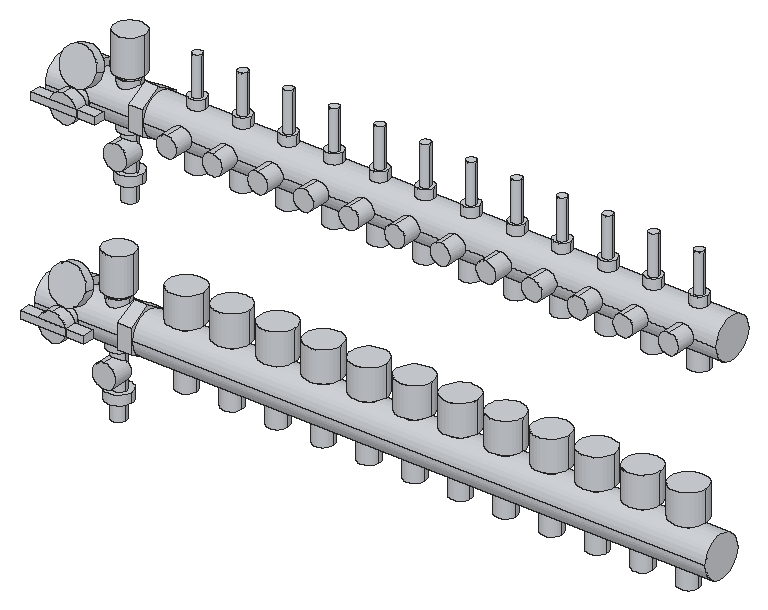
Revit family "318_f16c880827e94962872f661bd91b46", category Pipe Accessories, Revit 2017
Family settings
  Round Connector Dimension = Use Diameter
  Part Type = Valve - Normal
  Work Plane-Based = No
  Always vertical = Yes
  Cut with Voids When Loaded = No
  Shared = No
Parameters (values of type "R553FK112")
  magi_piping_qv_2_9 [instance] = 0.0 L/s
  magi_piping_qv_2_8 [instance] = 0.0 L/s
  magi_piping_qv_2_7 [instance] = 0.0 L/s
  magi_piping_qv_2_6 [instance] = 0.0 L/s
  magi_piping_qv_2_5 [instance] = 0.0 L/s
  magi_piping_qv_2_4 [instance] = 0.0 L/s
  magi_piping_qv_2_3 [instance] = 0.0 L/s
  magi_piping_qv_2_2 [instance] = 0.0 L/s
  magi_piping_qv_2_12 [instance] = 0.0 L/s
  magi_piping_qv_2_11 [instance] = 0.0 L/s
  magi_piping_qv_2_10 [instance] = 0.0 L/s
  magi_piping_qv_2_1 [instance] = 0.0 L/s
  magi_piping_qv_1_9 [instance] = 0.0 L/s
  magi_piping_qv_1_8 [instance] = 0.0 L/s
  magi_piping_qv_1_7 [instance] = 0.0 L/s
  magi_piping_qv_1_6 [instance] = 0.0 L/s
  magi_piping_qv_1_5 [instance] = 0.0 L/s
  magi_piping_qv_1_4 [instance] = 0.0 L/s
  magi_piping_qv_1_3 [instance] = 0.0 L/s
  magi_piping_qv_1_2 [instance] = 0.0 L/s
  magi_piping_qv_1_12 [instance] = 0.0 L/s
  magi_piping_qv_1_11 [instance] = 0.0 L/s
  magi_piping_qv_1_10 [instance] = 0.0 L/s
  magi_piping_qv_1_1 [instance] = 0.0 L/s
  magi_piping_qv [instance] = 0.0 L/s
  magi_piping_power_9 [instance] = 0 W
  magi_piping_power_8 [instance] = 0 W
  magi_piping_power_7 [instance] = 0 W
  magi_piping_power_6 [instance] = 0 W
  magi_piping_power_5 [instance] = 0 W
  magi_piping_power_4 [instance] = 0 W
  magi_piping_power_3 [instance] = 0 W
  magi_piping_power_2 [instance] = 0 W
  magi_piping_power_12 [instance] = 0 W
  magi_piping_power_11 [instance] = 0 W
  magi_piping_power_10 [instance] = 0 W
  magi_piping_power_1 [instance] = 0 W
  magi_piping_kv_9 [instance] = 0
  magi_piping_kv_8 [instance] = 0
  magi_piping_kv_7 [instance] = 0
  magi_piping_kv_6 [instance] = 0
  magi_piping_kv_5 [instance] = 0
  magi_piping_kv_4 [instance] = 0
  magi_piping_kv_3 [instance] = 0
  magi_piping_kv_2 [instance] = 0
  magi_piping_kv_12 [instance] = 0
  magi_piping_kv_11 [instance] = 0
  magi_piping_kv_10 [instance] = 0
  magi_piping_kv_1 [instance] = 0
  magi_piping_dpTot_9 [instance] = 0.0 Pa
  magi_piping_dpTot_8 [instance] = 0.0 Pa
  magi_piping_dpTot_7 [instance] = 0.0 Pa
  magi_piping_dpTot_6 [instance] = 0.0 Pa
  magi_piping_dpTot_5 [instance] = 0.0 Pa
  magi_piping_dpTot_4 [instance] = 0.0 Pa
  magi_piping_dpTot_3 [instance] = 0.0 Pa
  magi_piping_dpTot_2 [instance] = 0.0 Pa
  magi_piping_dpTot_12 [instance] = 0.0 Pa
  magi_piping_dpTot_11 [instance] = 0.0 Pa
  magi_piping_dpTot_10 [instance] = 0.0 Pa
  magi_piping_dpTot_1 [instance] = 0.0 Pa
  magi_adjustmentValue_9 [instance] = ""
  magi_adjustmentValue_8 [instance] = ""
  magi_adjustmentValue_7 [instance] = ""
  magi_adjustmentValue_6 [instance] = ""
  magi_adjustmentValue_5 [instance] = ""
  magi_adjustmentValue_4 [instance] = ""
  magi_adjustmentValue_3 [instance] = ""
  magi_adjustmentValue_2 [instance] = ""
  magi_adjustmentValue_12 [instance] = ""
  magi_adjustmentValue_11 [instance] = ""
  magi_adjustmentValue_10 [instance] = ""
  magi_adjustmentValue_1 [instance] = ""
  magiProductId = "f16c880827e94962872f661bd91b46"
  magiProductFamilyId = "f16c880827e94962872f661bd91b46"
  magiProductCode = "R553FK112"
  magiPartTypeId = 318
  Y = 15 mm
  VersionID = "2.0/2016.10.37.0/GIACOMINI_R553FK_001"
  URL = "http://www.giacomini.com/en"
  SMP = 25 mm
  SBP9 = 18 mm
  SBP8 = 18 mm
  SBP7 = 18 mm
  SBP6 = 18 mm
  SBP5 = 18 mm
  SBP4 = 18 mm
  SBP3 = 18 mm
  SBP2 = 18 mm
  SBP12 = 18 mm
  SBP11 = 18 mm
  SBP10 = 18 mm
  SBP1 = 18 mm
  RMP = 25 mm
  RBP9 = 18 mm
  RBP8 = 18 mm
  RBP7 = 18 mm
  RBP6 = 18 mm
  RBP5 = 18 mm
  RBP4 = 18 mm
  RBP3 = 18 mm
  RBP2 = 18 mm
  RBP12 = 18 mm
  RBP11 = 18 mm
  RBP10 = 18 mm
  RBP1 = 18 mm
  R2 = 22 mm
  QmdConnectorList = "321;SMP;322;SBP1;323;SBP2;324;SBP3;325;SBP4;326;SBP5;327;SBP6;328;SBP7;329;SBP8;330;SBP9;331;SBP10;332;SBP11;333;SBP12;351;RMP;352;RBP1;353;RBP2;354;RBP3;355;RBP4;356;RBP5;357;RBP6;358;RBP7;359;RBP8;360;RBP9;361;RBP10;362;RBP11;363;RBP12"
  Productdata [instance] = "© Progman Oy, all rights reserved"
  N9 = yes
  N8 = yes
  N7 = yes
  N6 = yes
  N5 = yes
  N4 = yes
  N3 = yes
  N12 = yes
  N11 = yes
  N10 = yes
  Manufacturer = "Giacomini"
  MC_Default_elevation = 0 mm
  L = 735 mm
  I = 50 mm
  H5 = 33 mm
  H4 = 5 mm
  H3__ve = -H3  # -40 mm
  H3 = 40 mm
  H2__ve = -H2  # -20 mm
  H2 = 20 mm
  H12 = 42 mm
  H11 = 10 mm
  Flow supply main [instance] = Flow supply 1 + Flow supply 2 + Flow supply 3 + Flow supply 4 + Flow supply 5 + Flow supply 6 + Flow supply 7 + Flow supply 8 + Flow supply 9 + Flow supply 10 + Flow supply 11 + Flow supply 12  # 0.0 L/s
  Flow supply 9 [instance] = 0.0 L/s
  Flow supply 8 [instance] = 0.0 L/s
  Flow supply 7 [instance] = 0.0 L/s
  Flow supply 6 [instance] = 0.0 L/s
  Flow supply 5 [instance] = 0.0 L/s
  Flow supply 4 [instance] = 0.0 L/s
  Flow supply 3 [instance] = 0.0 L/s
  Flow supply 2 [instance] = 0.0 L/s
  Flow supply 12 [instance] = 0.0 L/s
  Flow supply 11 [instance] = 0.0 L/s
  Flow supply 10 [instance] = 0.0 L/s
  Flow supply 1 [instance] = 0.0 L/s
  Flow return main [instance] = Flow return 1 + Flow return 2 + Flow return 3 + Flow return 4 + Flow return 5 + Flow return 6 + Flow return 7 + Flow return 8 + Flow return 9 + Flow return 10 + Flow return 11 + Flow return 12  # 0.0 L/s
  Flow return 9 [instance] = 0.0 L/s
  Flow return 8 [instance] = 0.0 L/s
  Flow return 7 [instance] = 0.0 L/s
  Flow return 6 [instance] = 0.0 L/s
  Flow return 5 [instance] = 0.0 L/s
  Flow return 4 [instance] = 0.0 L/s
  Flow return 3 [instance] = 0.0 L/s
  Flow return 2 [instance] = 0.0 L/s
  Flow return 12 [instance] = 0.0 L/s
  Flow return 11 [instance] = 0.0 L/s
  Flow return 10 [instance] = 0.0 L/s
  Flow return 1 [instance] = 0.0 L/s
  E = 208 mm
  Description = "PREASSEMBLED MANIFOLD KIT WITH FLOW METERS"
  D5 = 38 mm
  D4 = 22 mm
  D32 = 10 mm
  D31 = 18 mm
  D2 = 44 mm
  CAT0 = yes
  A = 149 mm
Reference planes
  plane 1 "Center (Front/Back)": y = 0
  plane 2 "XYPLANE": z = 0
  plane 3 "Center (Left/Right)": x = 0
  plane 4 "INIT_TEMP": y = 100
  plane 5 "414": y = -48
  plane 6 "413": z = -178
  plane 7 "412": y = -30
  plane 8 "411": z = -178
  plane 9 "410": z = -274
  plane 10 "409": z = -254
  plane 11 "408": z = -234
  plane 12 "407": z = -177
  plane 13 "406": z = -182
  plane 14 "405": y = -15
  plane 15 "404": z = 30
  plane 16 "403": y = -33
  plane 17 "402": x = 38
  plane 18 "401": z = 30
  plane 19 "400": z = -66
  plane 20 "399": z = -46
  plane 21 "398": z = -26
  plane 22 "397": z = 31
  plane 23 "396": x = 92
  plane 24 "395": z = 26
  plane 25 "394": x = 75
  plane 26 "393": z = -248
  plane 27 "392": z = -181
  plane 28 "391": z = -186
  plane 29 "390": z = -40
  plane 30 "389": x = 0
  plane 31 "388": y = 0
  plane 32 "387": y = -15
  plane 33 "386": z = -208
  plane 34 "385": z = 0
  plane 35 "384": z = 22
  plane 36 "383": x = 149
  plane 37 "382": x = 199
  plane 38 "381": y = -22
  plane 39 "380": x = 249
  plane 40 "379": z = 32
  plane 41 "378": x = 299
  plane 42 "377": x = 349
  plane 43 "376": x = 399
  plane 44 "375": x = 449
  plane 45 "374": x = 499
  plane 46 "373": x = 549
  plane 47 "372": x = 599
  plane 48 "371": x = 649
  plane 49 "370": x = 699
  plane 50 "1126": through (-712, -15, -178) normal (0, -0.2588, -0.9659)
  plane 51 "1127": through (-712, -30, -178) normal (0, 0.9659, -0.2588)
  plane 52 "1128": through (-712, -15, 30) normal (0, -0.9659, 0.2588)
  plane 53 "1129": through (-712, 0, 30) normal (0, 0.2588, 0.9659)
Forms (mm)
  Extrusion 1, solid
    sketch origin (750, -48, 0) x (-1, 0, 0) y (0, 0, 1)
      loop
        circle (712, -208) r 15
    from 0 to -12
  Extrusion 2, solid
    sketch origin (-712, -15, -178) x (1, 0, 0) y (0, -0.965926, 0.258819)
      loop
        line (746, -15) -> (754, -15) -> (754, 15) -> (746, 15) -> (746, -15)
    from 0 to 18
  Extrusion 3, solid
    sketch origin (750, -15, 0) x (-1, 0, 0) y (0, 0, 1)
      loop
        circle (712, -208) r 9
    from 0 to -33
  Extrusion 4, solid
    sketch origin (750, -48, 0) x (-1, 0, 0) y (0, 0, 1)
      loop
        line (677, -204) -> (677, -212) -> (747, -212) -> (747, -204) -> (677, -204)
    from 0 to -12
  Extrusion 5, solid
    sketch origin (-712, -30, -178) x (1, 0, 0) y (0, -0.258819, -0.965926)
      loop
        circle (750, 0) r 20
    from 0 to -10
  Extrusion 6, solid
    sketch origin (-750, 0, -182) x (1, 0, 0) y (0, 1, 0)
      loop
        circle (825, -15) r 12
    from 0 to -52
  Extrusion 7, solid
    sketch origin (92, -750, 0) x (0, 1, 0) y (0, 0, 1)
      loop
        line (735, -182) -> (712.483, -195) -> (712.483, -221) -> (735, -234) -> (757.517, -221) -> (757.517, -195) -> (735, -182)
    from 0 to 15
  Extrusion 8, solid
    sketch origin (-750, 0, -182) x (1, 0, 0) y (0, 1, 0)
      loop
        circle (825, -15) r 10
    from 0 to 5
  Extrusion 9, solid
    sketch origin (-750, 0, -177) x (1, 0, 0) y (0, 1, 0)
      loop
        circle (825, -15) r 16
    from 0 to 40
  Extrusion 10, solid
    sketch origin (-750, 0, -234) x (1, 0, 0) y (0, 1, 0)
      loop
        circle (825, -15) r 7.5
    from 0 to -70
  Extrusion 11, solid
    sketch origin (750, -15, 0) x (-1, 0, 0) y (0, 0, 1)
      loop
        circle (675, -254) r 13
    from 0 to -20
  Extrusion 12, solid
    sketch origin (-750, 0, -274) x (1, 0, 0) y (0, 1, 0)
      loop
        circle (825, -15) r 14
    from 0 to -10
  Extrusion 13, solid
    sketch origin (-712, -15, 30) x (1, 0, 0) y (0, 0.258819, 0.965926)
      loop
        circle (750, 0) r 20
    from 0 to 10
  Extrusion 14, solid
    sketch origin (750, -33, 0) x (-1, 0, 0) y (0, 0, 1)
      loop
        line (677, 4) -> (677, -4) -> (747, -4) -> (747, 4) -> (677, 4)
    from 0 to -12
  Extrusion 15, solid
    sketch origin (750, 0, 0) x (-1, 0, 0) y (0, 0, 1)
      loop
        circle (712, 0) r 9
    from 0 to -33
  Extrusion 16, solid
    sketch origin (-712, 0, 30) x (1, 0, 0) y (0, 0.965926, -0.258819)
      loop
        line (746, 15) -> (746, -15) -> (754, -15) -> (754, 15) -> (746, 15)
    from 0 to -18
  Extrusion 17, solid
    sketch origin (750, -33, 0) x (-1, 0, 0) y (0, 0, 1)
      loop
        circle (712, 0) r 15
    from 0 to -12
  Extrusion 18, solid
    sketch origin (-750, 0, -66) x (1, 0, 0) y (0, 1, 0)
      loop
        circle (825, 0) r 14
    from 0 to -10
  Extrusion 19, solid
    sketch origin (750, 0, 0) x (-1, 0, 0) y (0, 0, 1)
      loop
        circle (675, -46) r 13
    from 0 to -20
  Extrusion 20, solid
    sketch origin (-750, 0, -26) x (1, 0, 0) y (0, 1, 0)
      loop
        circle (825, 0) r 7.5
    from 0 to -70
  Extrusion 21, solid
    sketch origin (-750, 0, 31) x (1, 0, 0) y (0, 1, 0)
      loop
        circle (825, 0) r 16
    from 0 to 40
  Extrusion 22, solid
    sketch origin (-750, 0, 26) x (1, 0, 0) y (0, 1, 0)
      loop
        circle (825, 0) r 10
    from 0 to 5
  Extrusion 23, solid
    sketch origin (92, -750, 0) x (0, 1, 0) y (0, 0, 1)
      loop
        line (750, 26) -> (727.483, 13) -> (727.483, -13) -> (750, -26) -> (772.517, -13) -> (772.517, 13) -> (750, 26)
    from 0 to 15
  Extrusion 24, solid
    sketch origin (-750, 0, 26) x (1, 0, 0) y (0, 1, 0)
      loop
        circle (825, 0) r 12
    from 0 to -52
  Extrusion 25, solid, visible <- "N10"
    sketch origin (-750, 0, -208) x (1, 0, 0) y (0, 1, 0)
      loop
        circle (1349, -15) r 11
    from 0 to -40 <- "H3__ve"
  Extrusion 26, solid, visible <- "N10"
    sketch origin (-750, 0, -186) x (1, 0, 0) y (0, 1, 0)
      loop
        circle (1349, -15) r 11
    from 0 to 5 <- "H4"
  Extrusion 27, solid, visible <- "N10"
    sketch origin (-750, 0, -181) x (1, 0, 0) y (0, 1, 0)
      loop
        circle (1349, -15) r 19
    from 0 to 33 <- "H5"
  Extrusion 28, solid, visible <- "N12"
    sketch origin (-750, 0, -181) x (1, 0, 0) y (0, 1, 0)
      loop
        circle (1449, -15) r 19
    from 0 to 33 <- "H5"
  Extrusion 29, solid, visible <- "N12"
    sketch origin (-750, 0, -186) x (1, 0, 0) y (0, 1, 0)
      loop
        circle (1449, -15) r 11
    from 0 to 5 <- "H4"
  Extrusion 30, solid, visible <- "N12"
    sketch origin (-750, 0, -208) x (1, 0, 0) y (0, 1, 0)
      loop
        circle (1449, -15) r 11
    from 0 to -40 <- "H3__ve"
  Extrusion 31, solid, visible <- "N11"
    sketch origin (-750, 0, -208) x (1, 0, 0) y (0, 1, 0)
      loop
        circle (1399, -15) r 11
    from 0 to -40 <- "H3__ve"
  Extrusion 32, solid, visible <- "N11"
    sketch origin (-750, 0, -186) x (1, 0, 0) y (0, 1, 0)
      loop
        circle (1399, -15) r 11
    from 0 to 5 <- "H4"
  Extrusion 33, solid, visible <- "N11"
    sketch origin (-750, 0, -181) x (1, 0, 0) y (0, 1, 0)
      loop
        circle (1399, -15) r 19
    from 0 to 33 <- "H5"
  Extrusion 34, solid, visible <- "N8"
    sketch origin (-750, 0, -181) x (1, 0, 0) y (0, 1, 0)
      loop
        circle (1249, -15) r 19
    from 0 to 33 <- "H5"
  Extrusion 35, solid, visible <- "N8"
    sketch origin (-750, 0, -186) x (1, 0, 0) y (0, 1, 0)
      loop
        circle (1249, -15) r 11
    from 0 to 5 <- "H4"
  Extrusion 36, solid, visible <- "N8"
    sketch origin (-750, 0, -208) x (1, 0, 0) y (0, 1, 0)
      loop
        circle (1249, -15) r 11
    from 0 to -40 <- "H3__ve"
  Extrusion 37, solid, visible <- "N9"
    sketch origin (-750, 0, -208) x (1, 0, 0) y (0, 1, 0)
      loop
        circle (1299, -15) r 11
    from 0 to -40 <- "H3__ve"
  Extrusion 38, solid, visible <- "N9"
    sketch origin (-750, 0, -186) x (1, 0, 0) y (0, 1, 0)
      loop
        circle (1299, -15) r 11
    from 0 to 5 <- "H4"
  Extrusion 39, solid, visible <- "N9"
    sketch origin (-750, 0, -181) x (1, 0, 0) y (0, 1, 0)
      loop
        circle (1299, -15) r 19
    from 0 to 33 <- "H5"
  Extrusion 40, solid, visible <- "N7"
    sketch origin (-750, 0, -181) x (1, 0, 0) y (0, 1, 0)
      loop
        circle (1199, -15) r 19
    from 0 to 33 <- "H5"
  Extrusion 41, solid, visible <- "N7"
    sketch origin (-750, 0, -186) x (1, 0, 0) y (0, 1, 0)
      loop
        circle (1199, -15) r 11
    from 0 to 5 <- "H4"
  Extrusion 42, solid, visible <- "N7"
    sketch origin (-750, 0, -208) x (1, 0, 0) y (0, 1, 0)
      loop
        circle (1199, -15) r 11
    from 0 to -40 <- "H3__ve"
  Extrusion 43, solid, visible <- "N6"
    sketch origin (-750, 0, -208) x (1, 0, 0) y (0, 1, 0)
      loop
        circle (1149, -15) r 11
    from 0 to -40 <- "H3__ve"
  Extrusion 44, solid, visible <- "N6"
    sketch origin (-750, 0, -186) x (1, 0, 0) y (0, 1, 0)
      loop
        circle (1149, -15) r 11
    from 0 to 5 <- "H4"
  Extrusion 45, solid, visible <- "N6"
    sketch origin (-750, 0, -181) x (1, 0, 0) y (0, 1, 0)
      loop
        circle (1149, -15) r 19
    from 0 to 33 <- "H5"
  Extrusion 46, solid, visible <- "N5"
    sketch origin (-750, 0, -181) x (1, 0, 0) y (0, 1, 0)
      loop
        circle (1099, -15) r 19
    from 0 to 33 <- "H5"
  Extrusion 47, solid, visible <- "N5"
    sketch origin (-750, 0, -186) x (1, 0, 0) y (0, 1, 0)
      loop
        circle (1099, -15) r 11
    from 0 to 5 <- "H4"
  Extrusion 48, solid, visible <- "N5"
    sketch origin (-750, 0, -208) x (1, 0, 0) y (0, 1, 0)
      loop
        circle (1099, -15) r 11
    from 0 to -40 <- "H3__ve"
  Extrusion 49, solid, visible <- "N4"
    sketch origin (-750, 0, -208) x (1, 0, 0) y (0, 1, 0)
      loop
        circle (1049, -15) r 11
    from 0 to -40 <- "H3__ve"
  Extrusion 50, solid, visible <- "N4"
    sketch origin (-750, 0, -186) x (1, 0, 0) y (0, 1, 0)
      loop
        circle (1049, -15) r 11
    from 0 to 5 <- "H4"
  Extrusion 51, solid, visible <- "N4"
    sketch origin (-750, 0, -181) x (1, 0, 0) y (0, 1, 0)
      loop
        circle (1049, -15) r 19
    from 0 to 33 <- "H5"
  Extrusion 52, solid, visible <- "N3"
    sketch origin (-750, 0, -181) x (1, 0, 0) y (0, 1, 0)
      loop
        circle (999, -15) r 19
    from 0 to 33 <- "H5"
  Extrusion 53, solid, visible <- "N3"
    sketch origin (-750, 0, -186) x (1, 0, 0) y (0, 1, 0)
      loop
        circle (999, -15) r 11
    from 0 to 5 <- "H4"
  Extrusion 54, solid
    sketch origin (-750, 0, -186) x (1, 0, 0) y (0, 1, 0)
      loop
        circle (949, -15) r 11
    from 0 to 5 <- "H4"
  Extrusion 55, solid
    sketch origin (-750, 0, -181) x (1, 0, 0) y (0, 1, 0)
      loop
        circle (949, -15) r 19
    from 0 to 33 <- "H5"
  Extrusion 56, solid
    sketch origin (-750, 0, -181) x (1, 0, 0) y (0, 1, 0)
      loop
        circle (899, -15) r 19
    from 0 to 33 <- "H5"
  Extrusion 57, solid
    sketch origin (-750, 0, -186) x (1, 0, 0) y (0, 1, 0)
      loop
        circle (899, -15) r 11
    from 0 to 5 <- "H4"
  Extrusion 58, solid, visible <- "N3"
    sketch origin (-750, 0, -208) x (1, 0, 0) y (0, 1, 0)
      loop
        circle (999, -15) r 11
    from 0 to -40 <- "H3__ve"
  Extrusion 59, solid
    sketch origin (-750, 0, -208) x (1, 0, 0) y (0, 1, 0)
      loop
        circle (899, -15) r 11
    from 0 to -40 <- "H3__ve"
  Extrusion 60, solid
    sketch origin (-750, 0, -208) x (1, 0, 0) y (0, 1, 0)
      loop
        circle (949, -15) r 11
    from 0 to -40 <- "H3__ve"
  Extrusion 61, solid, visible <- "CAT0"
    sketch origin (0, -750, 0) x (0, 1, 0) y (0, 0, 1)
      loop
        circle (735, -208) r 22
    from 0 to 735 <- "L"
  Extrusion 62, solid, visible <- "N8"
    sketch origin (-750, 0, 0) x (1, 0, 0) y (0, 1, 0)
      loop
        circle (1249, 0) r 11
    from 0 to -40 <- "H3__ve"
  Extrusion 63, solid, visible <- "N9"
    sketch origin (-750, 0, 0) x (1, 0, 0) y (0, 1, 0)
      loop
        circle (1299, 0) r 11
    from 0 to -40 <- "H3__ve"
  Extrusion 64, solid, visible <- "N10"
    sketch origin (-750, 0, 0) x (1, 0, 0) y (0, 1, 0)
      loop
        circle (1349, 0) r 11
    from 0 to -40 <- "H3__ve"
  Extrusion 65, solid, visible <- "N11"
    sketch origin (-750, 0, 0) x (1, 0, 0) y (0, 1, 0)
      loop
        circle (1399, 0) r 11
    from 0 to -40 <- "H3__ve"
  Extrusion 66, solid, visible <- "N12"
    sketch origin (-750, 0, 0) x (1, 0, 0) y (0, 1, 0)
      loop
        circle (1449, 0) r 11
    from 0 to -40 <- "H3__ve"
  Extrusion 67, solid, visible <- "N7"
    sketch origin (-750, 0, 0) x (1, 0, 0) y (0, 1, 0)
      loop
        circle (1199, 0) r 11
    from 0 to -40 <- "H3__ve"
  Extrusion 68, solid, visible <- "N6"
    sketch origin (-750, 0, 0) x (1, 0, 0) y (0, 1, 0)
      loop
        circle (1149, 0) r 11
    from 0 to -40 <- "H3__ve"
  Extrusion 69, solid, visible <- "N5"
    sketch origin (-750, 0, 0) x (1, 0, 0) y (0, 1, 0)
      loop
        circle (1099, 0) r 11
    from 0 to -40 <- "H3__ve"
  Extrusion 70, solid, visible <- "N4"
    sketch origin (-750, 0, 0) x (1, 0, 0) y (0, 1, 0)
      loop
        circle (1049, 0) r 11
    from 0 to -40 <- "H3__ve"
  Extrusion 71, solid, visible <- "N3"
    sketch origin (-750, 0, 0) x (1, 0, 0) y (0, 1, 0)
      loop
        circle (999, 0) r 11
    from 0 to -40 <- "H3__ve"
  Extrusion 72, solid
    sketch origin (-750, 0, 0) x (1, 0, 0) y (0, 1, 0)
      loop
        circle (949, 0) r 11
    from 0 to -40 <- "H3__ve"
  Extrusion 73, solid
    sketch origin (-750, 0, 0) x (1, 0, 0) y (0, 1, 0)
      loop
        circle (899, 0) r 11
    from 0 to -40 <- "H3__ve"
  Extrusion 74, solid, visible <- "CAT0"
    sketch origin (0, -750, 0) x (0, 1, 0) y (0, 0, 1)
      loop
        circle (750, 0) r 22
    from 0 to 735 <- "L"
  Extrusion 75, solid
    sketch origin (-750, 0, 22) x (1, 0, 0) y (0, 1, 0)
      loop
        circle (899, 0) r 9
    from 0 to 10 <- "H11"
  Extrusion 76, solid
    sketch origin (750, -22, 0) x (-1, 0, 0) y (0, 0, 1)
      loop
        circle (601, 0) r 11
    from 0 to -20 <- "H2__ve"
  Extrusion 77, solid
    sketch origin (750, -22, 0) x (-1, 0, 0) y (0, 0, 1)
      loop
        circle (551, 0) r 11
    from 0 to -20 <- "H2__ve"
  Extrusion 78, solid, visible <- "N3"
    sketch origin (750, -22, 0) x (-1, 0, 0) y (0, 0, 1)
      loop
        circle (501, 0) r 11
    from 0 to -20 <- "H2__ve"
  Extrusion 79, solid
    sketch origin (-750, 0, 32) x (1, 0, 0) y (0, 1, 0)
      loop
        circle (899, 0) r 5
    from 0 to 42 <- "H12"
  Extrusion 80, solid
    sketch origin (-750, 0, 32) x (1, 0, 0) y (0, 1, 0)
      loop
        circle (949, 0) r 5
    from 0 to 42 <- "H12"
  Extrusion 81, solid
    sketch origin (-750, 0, 22) x (1, 0, 0) y (0, 1, 0)
      loop
        circle (949, 0) r 9
    from 0 to 10 <- "H11"
  Extrusion 82, solid, visible <- "N3"
    sketch origin (-750, 0, 22) x (1, 0, 0) y (0, 1, 0)
      loop
        circle (999, 0) r 9
    from 0 to 10 <- "H11"
  Extrusion 83, solid, visible <- "N3"
    sketch origin (-750, 0, 32) x (1, 0, 0) y (0, 1, 0)
      loop
        circle (999, 0) r 5
    from 0 to 42 <- "H12"
  Extrusion 84, solid, visible <- "N4"
    sketch origin (-750, 0, 32) x (1, 0, 0) y (0, 1, 0)
      loop
        circle (1049, 0) r 5
    from 0 to 42 <- "H12"
  Extrusion 85, solid, visible <- "N4"
    sketch origin (-750, 0, 22) x (1, 0, 0) y (0, 1, 0)
      loop
        circle (1049, 0) r 9
    from 0 to 10 <- "H11"
  Extrusion 86, solid, visible <- "N4"
    sketch origin (750, -22, 0) x (-1, 0, 0) y (0, 0, 1)
      loop
        circle (451, 0) r 11
    from 0 to -20 <- "H2__ve"
  Extrusion 87, solid, visible <- "N5"
    sketch origin (750, -22, 0) x (-1, 0, 0) y (0, 0, 1)
      loop
        circle (401, 0) r 11
    from 0 to -20 <- "H2__ve"
  Extrusion 88, solid, visible <- "N5"
    sketch origin (-750, 0, 22) x (1, 0, 0) y (0, 1, 0)
      loop
        circle (1099, 0) r 9
    from 0 to 10 <- "H11"
  Extrusion 89, solid, visible <- "N5"
    sketch origin (-750, 0, 32) x (1, 0, 0) y (0, 1, 0)
      loop
        circle (1099, 0) r 5
    from 0 to 42 <- "H12"
  Extrusion 90, solid, visible <- "N6"
    sketch origin (-750, 0, 32) x (1, 0, 0) y (0, 1, 0)
      loop
        circle (1149, 0) r 5
    from 0 to 42 <- "H12"
  Extrusion 91, solid, visible <- "N6"
    sketch origin (-750, 0, 22) x (1, 0, 0) y (0, 1, 0)
      loop
        circle (1149, 0) r 9
    from 0 to 10 <- "H11"
  Extrusion 92, solid, visible <- "N6"
    sketch origin (750, -22, 0) x (-1, 0, 0) y (0, 0, 1)
      loop
        circle (351, 0) r 11
    from 0 to -20 <- "H2__ve"
  Extrusion 93, solid, visible <- "N7"
    sketch origin (750, -22, 0) x (-1, 0, 0) y (0, 0, 1)
      loop
        circle (301, 0) r 11
    from 0 to -20 <- "H2__ve"
  Extrusion 94, solid, visible <- "N7"
    sketch origin (-750, 0, 22) x (1, 0, 0) y (0, 1, 0)
      loop
        circle (1199, 0) r 9
    from 0 to 10 <- "H11"
  Extrusion 95, solid, visible <- "N7"
    sketch origin (-750, 0, 32) x (1, 0, 0) y (0, 1, 0)
      loop
        circle (1199, 0) r 5
    from 0 to 42 <- "H12"
  Extrusion 96, solid, visible <- "N8"
    sketch origin (-750, 0, 32) x (1, 0, 0) y (0, 1, 0)
      loop
        circle (1249, 0) r 5
    from 0 to 42 <- "H12"
  Extrusion 97, solid, visible <- "N8"
    sketch origin (-750, 0, 22) x (1, 0, 0) y (0, 1, 0)
      loop
        circle (1249, 0) r 9
    from 0 to 10 <- "H11"
  Extrusion 98, solid, visible <- "N8"
    sketch origin (750, -22, 0) x (-1, 0, 0) y (0, 0, 1)
      loop
        circle (251, 0) r 11
    from 0 to -20 <- "H2__ve"
  Extrusion 99, solid, visible <- "N10"
    sketch origin (750, -22, 0) x (-1, 0, 0) y (0, 0, 1)
      loop
        circle (151, 0) r 11
    from 0 to -20 <- "H2__ve"
  Extrusion 100, solid, visible <- "N10"
    sketch origin (-750, 0, 22) x (1, 0, 0) y (0, 1, 0)
      loop
        circle (1349, 0) r 9
    from 0 to 10 <- "H11"
  Extrusion 101, solid, visible <- "N10"
    sketch origin (-750, 0, 32) x (1, 0, 0) y (0, 1, 0)
      loop
        circle (1349, 0) r 5
    from 0 to 42 <- "H12"
  Extrusion 102, solid, visible <- "N9"
    sketch origin (-750, 0, 32) x (1, 0, 0) y (0, 1, 0)
      loop
        circle (1299, 0) r 5
    from 0 to 42 <- "H12"
  Extrusion 103, solid, visible <- "N9"
    sketch origin (-750, 0, 22) x (1, 0, 0) y (0, 1, 0)
      loop
        circle (1299, 0) r 9
    from 0 to 10 <- "H11"
  Extrusion 104, solid, visible <- "N9"
    sketch origin (750, -22, 0) x (-1, 0, 0) y (0, 0, 1)
      loop
        circle (201, 0) r 11
    from 0 to -20 <- "H2__ve"
  Extrusion 105, solid, visible <- "N11"
    sketch origin (-750, 0, 32) x (1, 0, 0) y (0, 1, 0)
      loop
        circle (1399, 0) r 5
    from 0 to 42 <- "H12"
  Extrusion 106, solid, visible <- "N11"
    sketch origin (-750, 0, 22) x (1, 0, 0) y (0, 1, 0)
      loop
        circle (1399, 0) r 9
    from 0 to 10 <- "H11"
  Extrusion 107, solid, visible <- "N11"
    sketch origin (750, -22, 0) x (-1, 0, 0) y (0, 0, 1)
      loop
        circle (101, 0) r 11
    from 0 to -20 <- "H2__ve"
  Extrusion 108, solid, visible <- "N12"
    sketch origin (750, -22, 0) x (-1, 0, 0) y (0, 0, 1)
      loop
        circle (51, 0) r 11
    from 0 to -20 <- "H2__ve"
  Extrusion 109, solid, visible <- "N12"
    sketch origin (-750, 0, 22) x (1, 0, 0) y (0, 1, 0)
      loop
        circle (1449, 0) r 9
    from 0 to 10 <- "H11"
  Extrusion 110, solid, visible <- "N12"
    sketch origin (-750, 0, 32) x (1, 0, 0) y (0, 1, 0)
      loop
        circle (1449, 0) r 5
    from 0 to 42 <- "H12"
  Extrusion 111, solid, not visible
    sketch origin (-750, 0, -248) x (1, 0, 0) y (0, 1, 0)
      loop
        circle (1349, -15) r 10
    from 0 to 10
  Extrusion 112, solid, not visible
    sketch origin (-750, 0, -248) x (1, 0, 0) y (0, 1, 0)
      loop
        circle (1449, -15) r 10
    from 0 to 10
  Extrusion 113, solid, not visible
    sketch origin (-750, 0, -248) x (1, 0, 0) y (0, 1, 0)
      loop
        circle (1399, -15) r 10
    from 0 to 10
  Extrusion 114, solid, not visible
    sketch origin (-750, 0, -248) x (1, 0, 0) y (0, 1, 0)
      loop
        circle (1249, -15) r 10
    from 0 to 10
  Extrusion 115, solid, not visible
    sketch origin (-750, 0, -248) x (1, 0, 0) y (0, 1, 0)
      loop
        circle (1299, -15) r 10
    from 0 to 10
  Extrusion 116, solid, not visible
    sketch origin (-750, 0, -248) x (1, 0, 0) y (0, 1, 0)
      loop
        circle (1199, -15) r 10
    from 0 to 10
  Extrusion 117, solid, not visible
    sketch origin (-750, 0, -248) x (1, 0, 0) y (0, 1, 0)
      loop
        circle (1149, -15) r 10
    from 0 to 10
  Extrusion 118, solid, not visible
    sketch origin (-750, 0, -248) x (1, 0, 0) y (0, 1, 0)
      loop
        circle (1099, -15) r 10
    from 0 to 10
  Extrusion 119, solid, not visible
    sketch origin (-750, 0, -248) x (1, 0, 0) y (0, 1, 0)
      loop
        circle (1049, -15) r 10
    from 0 to 10
  Extrusion 120, solid, not visible
    sketch origin (-750, 0, -248) x (1, 0, 0) y (0, 1, 0)
      loop
        circle (949, -15) r 10
    from 0 to 10
  Extrusion 121, solid, not visible
    sketch origin (-750, 0, -248) x (1, 0, 0) y (0, 1, 0)
      loop
        circle (899, -15) r 10
    from 0 to 10
  Extrusion 122, solid, not visible
    sketch origin (-750, 0, -248) x (1, 0, 0) y (0, 1, 0)
      loop
        circle (999, -15) r 10
    from 0 to 10
  Extrusion 123, solid, not visible
    sketch origin (-750, 0, -40) x (1, 0, 0) y (0, 1, 0)
      loop
        circle (1249, 0) r 10
    from 0 to 10
  Extrusion 124, solid, not visible
    sketch origin (-750, 0, -40) x (1, 0, 0) y (0, 1, 0)
      loop
        circle (1299, 0) r 10
    from 0 to 10
  Extrusion 125, solid, not visible
    sketch origin (-750, 0, -40) x (1, 0, 0) y (0, 1, 0)
      loop
        circle (1349, 0) r 10
    from 0 to 10
  Extrusion 126, solid, not visible
    sketch origin (-750, 0, -40) x (1, 0, 0) y (0, 1, 0)
      loop
        circle (1399, 0) r 10
    from 0 to 10
  Extrusion 127, solid, not visible
    sketch origin (-750, 0, -40) x (1, 0, 0) y (0, 1, 0)
      loop
        circle (1449, 0) r 10
    from 0 to 10
  Extrusion 128, solid, not visible
    sketch origin (-750, 0, -40) x (1, 0, 0) y (0, 1, 0)
      loop
        circle (1199, 0) r 10
    from 0 to 10
  Extrusion 129, solid, not visible
    sketch origin (-750, 0, -40) x (1, 0, 0) y (0, 1, 0)
      loop
        circle (1149, 0) r 10
    from 0 to 10
  Extrusion 130, solid, not visible
    sketch origin (-750, 0, -40) x (1, 0, 0) y (0, 1, 0)
      loop
        circle (1099, 0) r 10
    from 0 to 10
  Extrusion 131, solid, not visible
    sketch origin (-750, 0, -40) x (1, 0, 0) y (0, 1, 0)
      loop
        circle (1049, 0) r 10
    from 0 to 10
  Extrusion 132, solid, not visible
    sketch origin (-750, 0, -40) x (1, 0, 0) y (0, 1, 0)
      loop
        circle (999, 0) r 10
    from 0 to 10
  Extrusion 133, solid, not visible
    sketch origin (0, -750, 0) x (0, 1, 0) y (0, 0, 1)
      loop
        circle (750, 0) r 10
    from 0 to 10
  Extrusion 134, solid, not visible
    sketch origin (0, -750, 0) x (0, 1, 0) y (0, 0, 1)
      loop
        circle (735, -208) r 10
    from 0 to 10
  Extrusion 135, solid, not visible
    sketch origin (-750, 0, -40) x (1, 0, 0) y (0, 1, 0)
      loop
        circle (899, 0) r 10
    from 0 to 10
  Extrusion 136, solid, not visible
    sketch origin (-750, 0, -40) x (1, 0, 0) y (0, 1, 0)
      loop
        circle (949, 0) r 10
    from 0 to 10
Text (mm)
  text "© Progman Oy, all rights reserved" at (-472.209, -2482.653, 0), in view "Ref. Level"
Dimensions and locks
  plane 4 "INIT_TEMP" to plane 1 "Center (Front/Back)" = 100 mm
  locked: plane 32 "387" to plane 5 "414" at 33
  locked: plane 33 "386" to plane 6 "413" at 30
  locked: plane 32 "387" to plane 7 "412" at 15
  locked: plane 33 "386" to plane 8 "411" at 30
  locked: plane 11 "408" to plane 9 "410" at 40
  locked: plane 11 "408" to plane 10 "409" at 20
  locked: plane 13 "406" to plane 11 "408" at 52
  locked: plane 13 "406" to plane 12 "407" at 5
  locked: plane 33 "386" to plane 13 "406" at 26
  locked: plane 1 "Center (Front/Back)" to plane 14 "405" at 15
  locked: plane 2 "XYPLANE" to plane 15 "404" at 30
  locked: plane 1 "Center (Front/Back)" to plane 16 "403" at 33
  locked: plane 3 "Center (Left/Right)" to plane 17 "402" at 38
  locked: plane 2 "XYPLANE" to plane 18 "401" at 30
  locked: plane 21 "398" to plane 19 "400" at 40
  locked: plane 21 "398" to plane 20 "399" at 20
  locked: plane 24 "395" to plane 21 "398" at 52
  locked: plane 24 "395" to plane 22 "397" at 5
  locked: plane 25 "394" to plane 23 "396" at 17
  locked: plane 2 "XYPLANE" to plane 24 "395" at 26
  locked: plane 3 "Center (Left/Right)" to plane 25 "394" at 75
  "H3": plane 33 "386" to plane 26 "393"
  "H4": plane 28 "391" to plane 27 "392"
  "R2": plane 33 "386" to plane 28 "391"
  "H3": plane 2 "XYPLANE" to plane 29 "390"
  locked: plane 3 "Center (Left/Right)" to plane 30 "389"
  locked: plane 1 "Center (Front/Back)" to plane 31 "388"
  "Y": plane 1 "Center (Front/Back)" to plane 32 "387"
  "E": plane 2 "XYPLANE" to plane 33 "386"
  locked: plane 2 "XYPLANE" to plane 34 "385"
  "R2": plane 2 "XYPLANE" to plane 35 "384"
  "A": plane 3 "Center (Left/Right)" to plane 36 "383"
  "I": plane 36 "383" to plane 37 "382"
  "R2": plane 1 "Center (Front/Back)" to plane 38 "381"
  "I": plane 37 "382" to plane 39 "380"
  "H11": plane 35 "384" to plane 40 "379"
  "I": plane 39 "380" to plane 41 "378"
  "I": plane 41 "378" to plane 42 "377"
  "I": plane 42 "377" to plane 43 "376"
  "I": plane 43 "376" to plane 44 "375"
  "I": plane 44 "375" to plane 45 "374"
  "I": plane 45 "374" to plane 46 "373"
  "I": plane 46 "373" to plane 47 "372"
  "I": plane 47 "372" to plane 48 "371"
  "I": plane 48 "371" to plane 49 "370"
  "D4": diameter of Extrusion 25 sketch curve
  "D4": diameter of Extrusion 26 sketch curve
  "D5": diameter of Extrusion 27 sketch curve
  "D5": diameter of Extrusion 28 sketch curve
  "D4": diameter of Extrusion 29 sketch curve
  "D4": diameter of Extrusion 30 sketch curve
  "D4": diameter of Extrusion 31 sketch curve
  "D4": diameter of Extrusion 32 sketch curve
  "D5": diameter of Extrusion 33 sketch curve
  "D5": diameter of Extrusion 34 sketch curve
  "D4": diameter of Extrusion 35 sketch curve
  "D4": diameter of Extrusion 36 sketch curve
  "D4": diameter of Extrusion 37 sketch curve
  "D4": diameter of Extrusion 38 sketch curve
  "D5": diameter of Extrusion 39 sketch curve
  "D5": diameter of Extrusion 40 sketch curve
  "D4": diameter of Extrusion 41 sketch curve
  "D4": diameter of Extrusion 42 sketch curve
  "D4": diameter of Extrusion 43 sketch curve
  "D4": diameter of Extrusion 44 sketch curve
  "D5": diameter of Extrusion 45 sketch curve
  "D5": diameter of Extrusion 46 sketch curve
  "D4": diameter of Extrusion 47 sketch curve
  "D4": diameter of Extrusion 48 sketch curve
  "D4": diameter of Extrusion 49 sketch curve
  "D4": diameter of Extrusion 50 sketch curve
  "D5": diameter of Extrusion 51 sketch curve
  "D5": diameter of Extrusion 52 sketch curve
  "D4": diameter of Extrusion 53 sketch curve
  "D4": diameter of Extrusion 54 sketch curve
  "D5": diameter of Extrusion 55 sketch curve
  "D5": diameter of Extrusion 56 sketch curve
  "D4": diameter of Extrusion 57 sketch curve
  "D4": diameter of Extrusion 58 sketch curve
  "D4": diameter of Extrusion 59 sketch curve
  "D4": diameter of Extrusion 60 sketch curve
  "D2": diameter of Extrusion 61 sketch curve
  "D4": diameter of Extrusion 62 sketch curve
  "D4": diameter of Extrusion 63 sketch curve
  "D4": diameter of Extrusion 64 sketch curve
  "D4": diameter of Extrusion 65 sketch curve
  "D4": diameter of Extrusion 66 sketch curve
  "D4": diameter of Extrusion 67 sketch curve
  "D4": diameter of Extrusion 68 sketch curve
  "D4": diameter of Extrusion 69 sketch curve
  "D4": diameter of Extrusion 70 sketch curve
  "D4": diameter of Extrusion 71 sketch curve
  "D4": diameter of Extrusion 72 sketch curve
  "D4": diameter of Extrusion 73 sketch curve
  "D2": diameter of Extrusion 74 sketch curve
  "D31": diameter of Extrusion 75 sketch curve
  "D4": diameter of Extrusion 76 sketch curve
  "D4": diameter of Extrusion 77 sketch curve
  "D4": diameter of Extrusion 78 sketch curve
  "D32": diameter of Extrusion 79 sketch curve
  "D32": diameter of Extrusion 80 sketch curve
  "D31": diameter of Extrusion 81 sketch curve
  "D31": diameter of Extrusion 82 sketch curve
  "D32": diameter of Extrusion 83 sketch curve
  "D32": diameter of Extrusion 84 sketch curve
  "D31": diameter of Extrusion 85 sketch curve
  "D4": diameter of Extrusion 86 sketch curve
  "D4": diameter of Extrusion 87 sketch curve
  "D31": diameter of Extrusion 88 sketch curve
  "D32": diameter of Extrusion 89 sketch curve
  "D32": diameter of Extrusion 90 sketch curve
  "D31": diameter of Extrusion 91 sketch curve
  "D4": diameter of Extrusion 92 sketch curve
  "D4": diameter of Extrusion 93 sketch curve
  "D31": diameter of Extrusion 94 sketch curve
  "D32": diameter of Extrusion 95 sketch curve
  "D32": diameter of Extrusion 96 sketch curve
  "D31": diameter of Extrusion 97 sketch curve
  "D4": diameter of Extrusion 98 sketch curve
  "D4": diameter of Extrusion 99 sketch curve
  "D31": diameter of Extrusion 100 sketch curve
  "D32": diameter of Extrusion 101 sketch curve
  "D32": diameter of Extrusion 102 sketch curve
  "D31": diameter of Extrusion 103 sketch curve
  "D4": diameter of Extrusion 104 sketch curve
  "D32": diameter of Extrusion 105 sketch curve
  "D31": diameter of Extrusion 106 sketch curve
  "D4": diameter of Extrusion 107 sketch curve
  "D4": diameter of Extrusion 108 sketch curve
  "D31": diameter of Extrusion 109 sketch curve
  "D32": diameter of Extrusion 110 sketch curve
  aligned and locked: level to plane 2 "XYPLANE"
  aligned and locked: plane 17 "402" to Extrusion 1 sketch curve
  aligned and locked: plane 33 "386" to Extrusion 1 sketch curve
  aligned and locked: plane 17 "402" to Extrusion 3 sketch curve
  aligned and locked: plane 33 "386" to Extrusion 3 sketch curve
  aligned and locked: plane 17 "402" to Extrusion 5 sketch curve
  aligned and locked: plane 25 "394" to Extrusion 6 sketch curve
  aligned and locked: plane 32 "387" to Extrusion 6 sketch curve
  aligned and locked: plane 25 "394" to Extrusion 8 sketch curve
  aligned and locked: plane 32 "387" to Extrusion 8 sketch curve
  aligned and locked: plane 25 "394" to Extrusion 9 sketch curve
  aligned and locked: plane 32 "387" to Extrusion 9 sketch curve
  aligned and locked: plane 25 "394" to Extrusion 10 sketch curve
  aligned and locked: plane 32 "387" to Extrusion 10 sketch curve
  aligned and locked: plane 10 "409" to Extrusion 11 sketch curve
  aligned and locked: plane 25 "394" to Extrusion 11 sketch curve
  aligned and locked: plane 25 "394" to Extrusion 12 sketch curve
  aligned and locked: plane 32 "387" to Extrusion 12 sketch curve
  aligned and locked: plane 17 "402" to Extrusion 13 sketch curve
  aligned and locked: plane 17 "402" to Extrusion 15 sketch curve
  aligned and locked: plane 34 "385" to Extrusion 15 sketch curve
  aligned and locked: plane 17 "402" to Extrusion 17 sketch curve
  aligned and locked: plane 34 "385" to Extrusion 17 sketch curve
  aligned and locked: plane 25 "394" to Extrusion 18 sketch curve
  aligned and locked: plane 31 "388" to Extrusion 18 sketch curve
  aligned and locked: plane 20 "399" to Extrusion 19 sketch curve
  aligned and locked: plane 25 "394" to Extrusion 19 sketch curve
  aligned and locked: plane 25 "394" to Extrusion 20 sketch curve
  aligned and locked: plane 31 "388" to Extrusion 20 sketch curve
  aligned and locked: plane 25 "394" to Extrusion 21 sketch curve
  aligned and locked: plane 31 "388" to Extrusion 21 sketch curve
  aligned and locked: plane 25 "394" to Extrusion 22 sketch curve
  aligned and locked: plane 31 "388" to Extrusion 22 sketch curve
  aligned and locked: plane 25 "394" to Extrusion 24 sketch curve
  aligned and locked: plane 31 "388" to Extrusion 24 sketch curve
  aligned and locked: plane 32 "387" to Extrusion 25 sketch curve
  aligned and locked: plane 47 "372" to Extrusion 25 sketch curve
  aligned and locked: plane 32 "387" to Extrusion 26 sketch curve
  aligned and locked: plane 47 "372" to Extrusion 26 sketch curve
  aligned and locked: plane 32 "387" to Extrusion 27 sketch curve
  aligned and locked: plane 47 "372" to Extrusion 27 sketch curve
  aligned and locked: plane 32 "387" to Extrusion 28 sketch curve
  aligned and locked: plane 49 "370" to Extrusion 28 sketch curve
  aligned and locked: plane 32 "387" to Extrusion 29 sketch curve
  aligned and locked: plane 49 "370" to Extrusion 29 sketch curve
  aligned and locked: plane 32 "387" to Extrusion 30 sketch curve
  aligned and locked: plane 49 "370" to Extrusion 30 sketch curve
  aligned and locked: plane 32 "387" to Extrusion 31 sketch curve
  aligned and locked: plane 48 "371" to Extrusion 31 sketch curve
  aligned and locked: plane 32 "387" to Extrusion 32 sketch curve
  aligned and locked: plane 48 "371" to Extrusion 32 sketch curve
  aligned and locked: plane 32 "387" to Extrusion 33 sketch curve
  aligned and locked: plane 48 "371" to Extrusion 33 sketch curve
  aligned and locked: plane 32 "387" to Extrusion 34 sketch curve
  aligned and locked: plane 45 "374" to Extrusion 34 sketch curve
  aligned and locked: plane 32 "387" to Extrusion 35 sketch curve
  aligned and locked: plane 45 "374" to Extrusion 35 sketch curve
  aligned and locked: plane 32 "387" to Extrusion 36 sketch curve
  aligned and locked: plane 45 "374" to Extrusion 36 sketch curve
  aligned and locked: plane 32 "387" to Extrusion 37 sketch curve
  aligned and locked: plane 46 "373" to Extrusion 37 sketch curve
  aligned and locked: plane 32 "387" to Extrusion 38 sketch curve
  aligned and locked: plane 46 "373" to Extrusion 38 sketch curve
  aligned and locked: plane 32 "387" to Extrusion 39 sketch curve
  aligned and locked: plane 46 "373" to Extrusion 39 sketch curve
  aligned and locked: plane 32 "387" to Extrusion 40 sketch curve
  aligned and locked: plane 44 "375" to Extrusion 40 sketch curve
  aligned and locked: plane 32 "387" to Extrusion 41 sketch curve
  aligned and locked: plane 44 "375" to Extrusion 41 sketch curve
  aligned and locked: plane 32 "387" to Extrusion 42 sketch curve
  aligned and locked: plane 44 "375" to Extrusion 42 sketch curve
  aligned and locked: plane 32 "387" to Extrusion 43 sketch curve
  aligned and locked: plane 43 "376" to Extrusion 43 sketch curve
  aligned and locked: plane 32 "387" to Extrusion 44 sketch curve
  aligned and locked: plane 43 "376" to Extrusion 44 sketch curve
  aligned and locked: plane 32 "387" to Extrusion 45 sketch curve
  aligned and locked: plane 43 "376" to Extrusion 45 sketch curve
  aligned and locked: plane 32 "387" to Extrusion 46 sketch curve
  aligned and locked: plane 42 "377" to Extrusion 46 sketch curve
  aligned and locked: plane 32 "387" to Extrusion 47 sketch curve
  aligned and locked: plane 42 "377" to Extrusion 47 sketch curve
  aligned and locked: plane 32 "387" to Extrusion 48 sketch curve
  aligned and locked: plane 42 "377" to Extrusion 48 sketch curve
  aligned and locked: plane 32 "387" to Extrusion 49 sketch curve
  aligned and locked: plane 41 "378" to Extrusion 49 sketch curve
  aligned and locked: plane 32 "387" to Extrusion 50 sketch curve
  aligned and locked: plane 41 "378" to Extrusion 50 sketch curve
  aligned and locked: plane 32 "387" to Extrusion 51 sketch curve
  aligned and locked: plane 41 "378" to Extrusion 51 sketch curve
  aligned and locked: plane 32 "387" to Extrusion 52 sketch curve
  aligned and locked: plane 39 "380" to Extrusion 52 sketch curve
  aligned and locked: plane 32 "387" to Extrusion 53 sketch curve
  aligned and locked: plane 39 "380" to Extrusion 53 sketch curve
  aligned and locked: plane 32 "387" to Extrusion 54 sketch curve
  aligned and locked: plane 37 "382" to Extrusion 54 sketch curve
  aligned and locked: plane 32 "387" to Extrusion 55 sketch curve
  aligned and locked: plane 37 "382" to Extrusion 55 sketch curve
  aligned and locked: plane 32 "387" to Extrusion 56 sketch curve
  aligned and locked: plane 36 "383" to Extrusion 56 sketch curve
  aligned and locked: plane 32 "387" to Extrusion 57 sketch curve
  aligned and locked: plane 36 "383" to Extrusion 57 sketch curve
  aligned and locked: plane 32 "387" to Extrusion 58 sketch curve
  aligned and locked: plane 39 "380" to Extrusion 58 sketch curve
  aligned and locked: plane 32 "387" to Extrusion 59 sketch curve
  aligned and locked: plane 36 "383" to Extrusion 59 sketch curve
  aligned and locked: plane 32 "387" to Extrusion 60 sketch curve
  aligned and locked: plane 37 "382" to Extrusion 60 sketch curve
  aligned and locked: Extrusion 61 sketch curve to plane 32 "387"
  aligned and locked: plane 33 "386" to Extrusion 61 sketch curve
  aligned and locked: plane 31 "388" to Extrusion 62 sketch curve
  aligned and locked: plane 45 "374" to Extrusion 62 sketch curve
  aligned and locked: plane 31 "388" to Extrusion 63 sketch curve
  aligned and locked: plane 46 "373" to Extrusion 63 sketch curve
  aligned and locked: plane 31 "388" to Extrusion 64 sketch curve
  aligned and locked: plane 47 "372" to Extrusion 64 sketch curve
  aligned and locked: plane 31 "388" to Extrusion 65 sketch curve
  aligned and locked: plane 48 "371" to Extrusion 65 sketch curve
  aligned and locked: plane 31 "388" to Extrusion 66 sketch curve
  aligned and locked: plane 49 "370" to Extrusion 66 sketch curve
  aligned and locked: plane 31 "388" to Extrusion 67 sketch curve
  aligned and locked: plane 44 "375" to Extrusion 67 sketch curve
  aligned and locked: plane 31 "388" to Extrusion 68 sketch curve
  aligned and locked: plane 43 "376" to Extrusion 68 sketch curve
  aligned and locked: plane 31 "388" to Extrusion 69 sketch curve
  aligned and locked: plane 42 "377" to Extrusion 69 sketch curve
  aligned and locked: plane 31 "388" to Extrusion 70 sketch curve
  aligned and locked: plane 41 "378" to Extrusion 70 sketch curve
  aligned and locked: plane 31 "388" to Extrusion 71 sketch curve
  aligned and locked: plane 39 "380" to Extrusion 71 sketch curve
  aligned and locked: plane 31 "388" to Extrusion 72 sketch curve
  aligned and locked: plane 37 "382" to Extrusion 72 sketch curve
  aligned and locked: plane 31 "388" to Extrusion 73 sketch curve
  aligned and locked: plane 36 "383" to Extrusion 73 sketch curve
  aligned and locked: Extrusion 74 sketch curve to plane 31 "388"
  aligned and locked: plane 34 "385" to Extrusion 74 sketch curve
  aligned and locked: plane 31 "388" to Extrusion 75 sketch curve
  aligned and locked: plane 36 "383" to Extrusion 75 sketch curve
  aligned and locked: plane 34 "385" to Extrusion 76 sketch curve
  aligned and locked: plane 36 "383" to Extrusion 76 sketch curve
  aligned and locked: plane 34 "385" to Extrusion 77 sketch curve
  aligned and locked: plane 37 "382" to Extrusion 77 sketch curve
  aligned and locked: plane 34 "385" to Extrusion 78 sketch curve
  aligned and locked: plane 39 "380" to Extrusion 78 sketch curve
  aligned and locked: plane 31 "388" to Extrusion 79 sketch curve
  aligned and locked: plane 36 "383" to Extrusion 79 sketch curve
  aligned and locked: plane 31 "388" to Extrusion 80 sketch curve
  aligned and locked: plane 37 "382" to Extrusion 80 sketch curve
  aligned and locked: plane 31 "388" to Extrusion 81 sketch curve
  aligned and locked: plane 37 "382" to Extrusion 81 sketch curve
  aligned and locked: plane 31 "388" to Extrusion 82 sketch curve
  aligned and locked: plane 39 "380" to Extrusion 82 sketch curve
  aligned and locked: plane 31 "388" to Extrusion 83 sketch curve
  aligned and locked: plane 39 "380" to Extrusion 83 sketch curve
  aligned and locked: plane 31 "388" to Extrusion 84 sketch curve
  aligned and locked: plane 41 "378" to Extrusion 84 sketch curve
  aligned and locked: plane 31 "388" to Extrusion 85 sketch curve
  aligned and locked: plane 41 "378" to Extrusion 85 sketch curve
  aligned and locked: plane 34 "385" to Extrusion 86 sketch curve
  aligned and locked: plane 41 "378" to Extrusion 86 sketch curve
  aligned and locked: plane 34 "385" to Extrusion 87 sketch curve
  aligned and locked: plane 42 "377" to Extrusion 87 sketch curve
  aligned and locked: plane 31 "388" to Extrusion 88 sketch curve
  aligned and locked: plane 42 "377" to Extrusion 88 sketch curve
  aligned and locked: plane 31 "388" to Extrusion 89 sketch curve
  aligned and locked: plane 42 "377" to Extrusion 89 sketch curve
  aligned and locked: plane 31 "388" to Extrusion 90 sketch curve
  aligned and locked: plane 43 "376" to Extrusion 90 sketch curve
  aligned and locked: plane 31 "388" to Extrusion 91 sketch curve
  aligned and locked: plane 43 "376" to Extrusion 91 sketch curve
  aligned and locked: plane 34 "385" to Extrusion 92 sketch curve
  aligned and locked: plane 43 "376" to Extrusion 92 sketch curve
  aligned and locked: plane 34 "385" to Extrusion 93 sketch curve
  aligned and locked: plane 44 "375" to Extrusion 93 sketch curve
  aligned and locked: plane 31 "388" to Extrusion 94 sketch curve
  aligned and locked: plane 44 "375" to Extrusion 94 sketch curve
  aligned and locked: plane 31 "388" to Extrusion 95 sketch curve
  aligned and locked: plane 44 "375" to Extrusion 95 sketch curve
  aligned and locked: plane 31 "388" to Extrusion 96 sketch curve
  aligned and locked: plane 45 "374" to Extrusion 96 sketch curve
  aligned and locked: plane 31 "388" to Extrusion 97 sketch curve
  aligned and locked: plane 45 "374" to Extrusion 97 sketch curve
  aligned and locked: plane 34 "385" to Extrusion 98 sketch curve
  aligned and locked: plane 45 "374" to Extrusion 98 sketch curve
  aligned and locked: plane 34 "385" to Extrusion 99 sketch curve
  aligned and locked: plane 47 "372" to Extrusion 99 sketch curve
  aligned and locked: plane 31 "388" to Extrusion 100 sketch curve
  aligned and locked: plane 47 "372" to Extrusion 100 sketch curve
  aligned and locked: plane 31 "388" to Extrusion 101 sketch curve
  aligned and locked: plane 47 "372" to Extrusion 101 sketch curve
  aligned and locked: plane 31 "388" to Extrusion 102 sketch curve
  aligned and locked: plane 46 "373" to Extrusion 102 sketch curve
  aligned and locked: plane 31 "388" to Extrusion 103 sketch curve
  aligned and locked: plane 46 "373" to Extrusion 103 sketch curve
  aligned and locked: plane 34 "385" to Extrusion 104 sketch curve
  aligned and locked: plane 46 "373" to Extrusion 104 sketch curve
  aligned and locked: plane 31 "388" to Extrusion 105 sketch curve
  aligned and locked: plane 48 "371" to Extrusion 105 sketch curve
  aligned and locked: plane 31 "388" to Extrusion 106 sketch curve
  aligned and locked: plane 48 "371" to Extrusion 106 sketch curve
  aligned and locked: plane 34 "385" to Extrusion 107 sketch curve
  aligned and locked: plane 48 "371" to Extrusion 107 sketch curve
  aligned and locked: plane 34 "385" to Extrusion 108 sketch curve
  aligned and locked: plane 49 "370" to Extrusion 108 sketch curve
  aligned and locked: plane 31 "388" to Extrusion 109 sketch curve
  aligned and locked: plane 49 "370" to Extrusion 109 sketch curve
  aligned and locked: plane 31 "388" to Extrusion 110 sketch curve
  aligned and locked: plane 49 "370" to Extrusion 110 sketch curve
  aligned and locked: plane 32 "387" to Extrusion 111 sketch curve
  aligned and locked: plane 47 "372" to Extrusion 111 sketch curve
  aligned and locked: plane 32 "387" to Extrusion 112 sketch curve
  aligned and locked: plane 49 "370" to Extrusion 112 sketch curve
  aligned and locked: plane 32 "387" to Extrusion 113 sketch curve
  aligned and locked: plane 48 "371" to Extrusion 113 sketch curve
  aligned and locked: plane 32 "387" to Extrusion 114 sketch curve
  aligned and locked: plane 45 "374" to Extrusion 114 sketch curve
  aligned and locked: plane 32 "387" to Extrusion 115 sketch curve
  aligned and locked: plane 46 "373" to Extrusion 115 sketch curve
  aligned and locked: plane 32 "387" to Extrusion 116 sketch curve
  aligned and locked: plane 44 "375" to Extrusion 116 sketch curve
  aligned and locked: plane 32 "387" to Extrusion 117 sketch curve
  aligned and locked: plane 43 "376" to Extrusion 117 sketch curve
  aligned and locked: plane 32 "387" to Extrusion 118 sketch curve
  aligned and locked: plane 42 "377" to Extrusion 118 sketch curve
  aligned and locked: plane 32 "387" to Extrusion 119 sketch curve
  aligned and locked: plane 41 "378" to Extrusion 119 sketch curve
  aligned and locked: plane 32 "387" to Extrusion 120 sketch curve
  aligned and locked: plane 37 "382" to Extrusion 120 sketch curve
  aligned and locked: plane 32 "387" to Extrusion 121 sketch curve
  aligned and locked: plane 36 "383" to Extrusion 121 sketch curve
  aligned and locked: plane 32 "387" to Extrusion 122 sketch curve
  aligned and locked: plane 39 "380" to Extrusion 122 sketch curve
  aligned and locked: plane 31 "388" to Extrusion 123 sketch curve
  aligned and locked: plane 45 "374" to Extrusion 123 sketch curve
  aligned and locked: plane 31 "388" to Extrusion 124 sketch curve
  aligned and locked: plane 46 "373" to Extrusion 124 sketch curve
  aligned and locked: plane 31 "388" to Extrusion 125 sketch curve
  aligned and locked: plane 47 "372" to Extrusion 125 sketch curve
  aligned and locked: plane 31 "388" to Extrusion 126 sketch curve
  aligned and locked: plane 48 "371" to Extrusion 126 sketch curve
  aligned and locked: plane 31 "388" to Extrusion 127 sketch curve
  aligned and locked: plane 49 "370" to Extrusion 127 sketch curve
  aligned and locked: plane 31 "388" to Extrusion 128 sketch curve
  aligned and locked: plane 44 "375" to Extrusion 128 sketch curve
  aligned and locked: plane 31 "388" to Extrusion 129 sketch curve
  aligned and locked: plane 43 "376" to Extrusion 129 sketch curve
  aligned and locked: plane 31 "388" to Extrusion 130 sketch curve
  aligned and locked: plane 42 "377" to Extrusion 130 sketch curve
  aligned and locked: plane 31 "388" to Extrusion 131 sketch curve
  aligned and locked: plane 41 "378" to Extrusion 131 sketch curve
  aligned and locked: plane 31 "388" to Extrusion 132 sketch curve
  aligned and locked: plane 39 "380" to Extrusion 132 sketch curve
  aligned and locked: Extrusion 133 sketch curve to plane 31 "388"
  aligned and locked: plane 34 "385" to Extrusion 133 sketch curve
  aligned and locked: Extrusion 134 sketch curve to plane 32 "387"
  aligned and locked: plane 33 "386" to Extrusion 134 sketch curve
  aligned and locked: plane 31 "388" to Extrusion 135 sketch curve
  aligned and locked: plane 36 "383" to Extrusion 135 sketch curve
  aligned and locked: plane 31 "388" to Extrusion 136 sketch curve
  aligned and locked: plane 37 "382" to Extrusion 136 sketch curve
Automatic sketch dimensions
  plane 11 "408" to Extrusion 1 sketch curve = 11 mm
  Extrusion 2 sketch curve to plane 17 "402" = 4 mm
  Extrusion 2 sketch curve to plane 51 "1127" = 0.511 mm
  plane 17 "402" to Extrusion 2 sketch curve = 4 mm
  plane 51 "1127" to Extrusion 2 sketch curve = 29.489 mm
  Extrusion 3 sketch curve to plane 33 "386" = 9 mm
  Extrusion 4 sketch curve to plane 25 "394" = 2 mm
  plane 3 "Center (Left/Right)" to Extrusion 4 sketch curve = 3 mm
  Extrusion 4 sketch curve to plane 33 "386" = 4 mm
  plane 33 "386" to Extrusion 4 sketch curve = 4 mm
  plane 50 "1126" to Extrusion 5 sketch curve = 3.882 mm
  plane 3 "Center (Left/Right)" to Extrusion 5 sketch curve = 18 mm
  Extrusion 6 sketch curve to plane 25 "394" = 12 mm
  Extrusion 7 sketch curve to plane 13 "406" = 0 mm
  Extrusion 7 sketch curve to plane 14 "405" = 0 mm  (x2)
  Extrusion 7 sketch curve to plane 11 "408" = 0 mm
  Extrusion 7 sketch curve to plane 16 "403" = 4.517 mm
  Extrusion 7 sketch curve to plane 1 "Center (Front/Back)" = 7.517 mm
  plane 11 "408" to Extrusion 7 sketch curve = 13 mm  (x2)
  Extrusion 7 sketch curve to plane 28 "391" = 9 mm  (x2)
  Extrusion 8 sketch curve to plane 25 "394" = 10 mm
  Extrusion 9 sketch curve to plane 25 "394" = 16 mm
  Extrusion 10 sketch curve to plane 25 "394" = 7.5 mm
  plane 9 "410" to Extrusion 11 sketch curve = 7 mm
  Extrusion 12 sketch curve to plane 25 "394" = 14 mm
  Extrusion 13 sketch curve to plane 53 "1129" = 3.882 mm
  plane 3 "Center (Left/Right)" to Extrusion 13 sketch curve = 18 mm
  Extrusion 14 sketch curve to plane 25 "394" = 2 mm
  plane 3 "Center (Left/Right)" to Extrusion 14 sketch curve = 3 mm
  Extrusion 14 sketch curve to level = 4 mm
  level to Extrusion 14 sketch curve = 4 mm
  Extrusion 15 sketch curve to level = 9 mm
  Extrusion 16 sketch curve to plane 17 "402" = 4 mm
  plane 52 "1128" to Extrusion 16 sketch curve = 0.511 mm
  plane 17 "402" to Extrusion 16 sketch curve = 4 mm
  Extrusion 16 sketch curve to plane 51 "1127" = 9.857 mm
  plane 21 "398" to Extrusion 17 sketch curve = 11 mm
  Extrusion 18 sketch curve to plane 25 "394" = 14 mm
  plane 19 "400" to Extrusion 19 sketch curve = 7 mm
  Extrusion 20 sketch curve to plane 25 "394" = 7.5 mm
  Extrusion 21 sketch curve to plane 25 "394" = 16 mm
  Extrusion 22 sketch curve to plane 25 "394" = 10 mm
  Extrusion 23 sketch curve to plane 1 "Center (Front/Back)" = 0 mm  (x2)
  Extrusion 23 sketch curve to plane 21 "398" = 0 mm
  Extrusion 23 sketch curve to plane 24 "395" = 0 mm
  Extrusion 23 sketch curve to plane 38 "381" = 0.517 mm
  Extrusion 23 sketch curve to plane 35 "384" = 9 mm  (x2)
  Extrusion 23 sketch curve to plane 1 "Center (Front/Back)" = 22.517 mm
  Extrusion 23 sketch curve to level = 13 mm  (x2)
  Extrusion 24 sketch curve to plane 25 "394" = 12 mm
  Extrusion 111 sketch curve to plane 38 "381" = 3 mm
  Extrusion 112 sketch curve to plane 38 "381" = 3 mm
  Extrusion 113 sketch curve to plane 38 "381" = 3 mm
  Extrusion 114 sketch curve to plane 38 "381" = 3 mm
  Extrusion 115 sketch curve to plane 38 "381" = 3 mm
  Extrusion 116 sketch curve to plane 38 "381" = 3 mm
  Extrusion 117 sketch curve to plane 38 "381" = 3 mm
  Extrusion 118 sketch curve to plane 38 "381" = 3 mm
  Extrusion 119 sketch curve to plane 38 "381" = 3 mm
  Extrusion 120 sketch curve to plane 38 "381" = 3 mm
  Extrusion 121 sketch curve to plane 38 "381" = 3 mm
  Extrusion 122 sketch curve to plane 38 "381" = 3 mm
  plane 14 "405" to Extrusion 123 sketch curve = 5 mm
  plane 14 "405" to Extrusion 124 sketch curve = 5 mm
  plane 14 "405" to Extrusion 125 sketch curve = 5 mm
  plane 14 "405" to Extrusion 126 sketch curve = 5 mm
  plane 14 "405" to Extrusion 127 sketch curve = 5 mm
  plane 14 "405" to Extrusion 128 sketch curve = 5 mm
  plane 14 "405" to Extrusion 129 sketch curve = 5 mm
  plane 14 "405" to Extrusion 130 sketch curve = 5 mm
  plane 14 "405" to Extrusion 131 sketch curve = 5 mm
  plane 14 "405" to Extrusion 132 sketch curve = 5 mm
